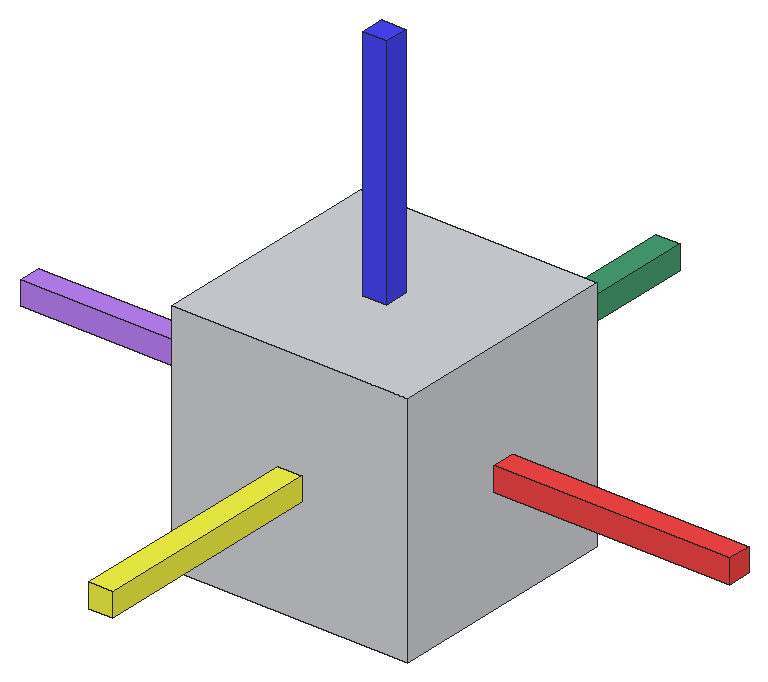
Revit family "SampleFamily1.rvt", category Обобщенные модели, Revit 2021
Family settings
  Может служить основой для арматурных стержней = Нет
  Размер круглого соединителя = Использовать диаметр
  Тип детали = Нормальный
  На основе рабочей плоскости = Нет
  Всегда вертикально = Да
  При загрузке вырезать с полостями = Нет
  Общий = Да
  Точка принадлежности помещению = Нет
Parameters
  Отметка по умолчанию = 0 mm
  dz/2 [instance] = dz / 2  # 2500 mm
  dz [instance] = 5000 mm
  dy/2 [instance] = dy / 2  # 2500 mm
  dy [instance] = 5000 mm
  dx/2 [instance] = dx / 2  # 2500 mm
  dx [instance] = 5000 mm
Reference planes
  plane 1 "По центру (Вперед/Назад)": y = 0
  plane 2: z = 0
  plane 3 "По центру (Влево/Вправо)": x = 0
  plane 4: y = 5000
  plane 5: x = 5000
  plane 6: z = 5000
  plane 7: x = 2500
  plane 8: y = 2500
  plane 9: z = 2500
Forms (mm)
  Extrusion 1, solid
    sketch origin (2000, 2040, 0) x (1, 0, 0) y (0, 1, 0)
      loop
        line (-2000, 2960) -> (-2000, -2040) -> (3000, -2040) -> (3000, 2960) -> (-2000, 2960)
    from 0 to 5000
Dimensions and locks
  "dy": plane 1 "По центру (Вперед/Назад)" to plane 4
  "dx": plane 3 "По центру (Влево/Вправо)" to plane 5
  "dz": plane 6 to plane 2
  "dy/2": plane 1 "По центру (Вперед/Назад)" to plane 8
  "dx/2": plane 3 "По центру (Влево/Вправо)" to plane 7
  "dz/2": plane 9 to plane 2
  aligned and locked: level to plane 2
  aligned and locked: plane 1 "По центру (Вперед/Назад)" to Extrusion 1
  aligned and locked: Extrusion 1 to plane 3 "По центру (Влево/Вправо)"
  aligned and locked: Extrusion 1 to plane 5
  aligned and locked: plane 4 to Extrusion 1
  aligned and locked: plane 6 to Extrusion 1
  aligned and locked: plane 7 to nested 3
  aligned and locked: nested 4 to plane 7
  aligned and locked: plane 8 to nested 5
  aligned and locked: nested 2 to plane 8
  aligned and locked: plane 9 to nested 5
  aligned and locked: plane 9 to nested 2
  aligned and locked: plane 9 to nested 3
  aligned and locked: plane 9 to nested 4
  aligned and locked: nested 1 to plane 7
  aligned and locked: nested 1 to plane 8
Automatic sketch dimensions
  plane 1 "По центру (Вперед/Назад)" to Extrusion 1 sketch curve = 0 mm
  Extrusion 1 sketch curve to plane 3 "По центру (Влево/Вправо)" = 0 mm
  Extrusion 1 sketch curve to plane 5 = 0 mm
  Extrusion 1 sketch curve to plane 4 = 0 mm
Nested families
  nested 1: "SampleFamily2.rvt" at (2500, 2500, 5000), type "Синий"
    with dz 5000 mm, dy 500 mm, dx 500 mm
  nested 2: "SampleFamily2.rvt" at (5000, 2500, 2500) x (0, -1, 0) z (1, 0, 0), type "Красный"
    with dz 5000 mm, dy 500 mm, dx 500 mm
  nested 3: "SampleFamily2.rvt" at (2500, 0, 2500) x (-1, 0, 0) z (0, -1, 0), type "Жёлтый"
    with dz 5000 mm, dy 500 mm, dx 500 mm
  nested 4: "SampleFamily2.rvt" at (2500, 5000, 2500) x (1, 0, 0) z (0, 1, 0), type "Зелёный"
    with dz 5000 mm, dy 500 mm, dx 500 mm
  nested 5: "SampleFamily2.rvt" at (0, 2500, 2500) x (0, 1, 0) z (-1, 0, 0), type "Фиолетовый"
    with dz 5000 mm, dy 500 mm, dx 500 mm
Definition of nested family "SampleFamily2.rvt"
  Parameters (values of type "Розовый")
    Цвет = none
    Default Elevation = 1219.2 mm
    dz [instance] = 5000 mm
    dy [instance] = 500 mm
    dx [instance] = 500 mm
  Types (6): name
    Синий
    Зелёный
    Красный
    Жёлтый
    Фиолетовый
    Розовый
  Reference planes
    plane 1 "По центру (Вперед/Назад)": y = 0
    plane 2: z = 0
    plane 3 "По центру (Влево/Вправо)": x = 0
    plane 4: x = -250
    plane 5: x = 250
    plane 6: y = -250
    plane 7: y = 250
    plane 8: z = 5000
  Forms (mm)
    Extrusion 1, solid
      sketch origin (19.2, 0, 0) x (1, 0, 0) y (0, 1, 0)
        loop
          line (-1219.2, 1219.2) -> (-1219.2, -1219.2) -> (1219.2, -1219.2) -> (1219.2, 1219.2) -> (-1219.2, 1219.2)
      from 0 to -550.232
    Extrusion 2, solid, material <- "Цвет"
      sketch origin (0, 0, 0) x (1, 0, 0) y (0, 1, 0)
        loop
          line (-250, -250) -> (250, -250) -> (250, 250) -> (-250, 250) -> (-250, -250)
      from 0 to 5000
  Dimensions and locks
    equal spacing: plane 4, plane 3 "По центру (Влево/Вправо)", plane 5
    "dx": plane 4 to plane 5
    equal spacing: plane 7, plane 1 "По центру (Вперед/Назад)", plane 6
    "dy": plane 7 to plane 6
    "dz": plane 8 to plane 2
    aligned and locked: plane 2 to Extrusion 1
    aligned and locked: level to Extrusion 1
    aligned and locked: Extrusion 2 sketch curve to plane 6
    aligned and locked: Extrusion 2 sketch curve to plane 4
    aligned and locked: plane 7 to Extrusion 2 sketch curve
    aligned and locked: plane 5 to Extrusion 2 sketch curve
    aligned and locked: plane 8 to Extrusion 2
  Automatic sketch dimensions
    Extrusion 1 sketch curve to Extrusion 1 sketch curve = 2438.4 mm  (x2)
